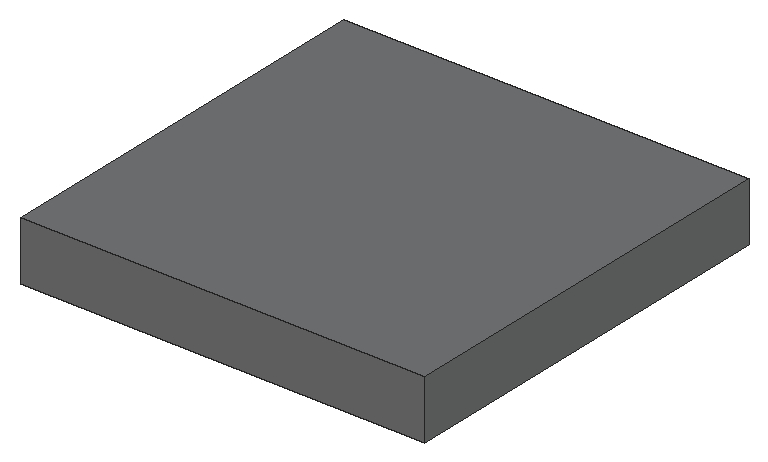
Revit family "Gira_028403", category Electrical Fixtures, host Face, Revit 2017
Family settings
  Host = Face
  Maintain Annotation Orientation = No
  Round Connector Dimension = Use Diameter
  Part Type = Normal
  Cut with Voids When Loaded = No
  Shared = No
  Room Calculation Point = No
Parameters (values of type "Abd. BSF UAE/IAE + Netzwerk System 55 Reinweiß")
  Zusammenstellung = "Zentralplatte"
  Werkstoffgüte = "sonstige"
  Werkstoff = "Kunststoff"
  Verwendung = "UAE/IAE"
  URL = "http://katalog.gira.de/de_DE/datenblatt.html?artikelnr=028403"
  Transparent = "No"
  Tragring = "No"
  Region = "DE"
  RAL-Nummer (ähnlich) = "9010 "
  Oberfläche = "sonstige"
  Name = "Abd. BSF UAE/IAE + Netzwerk System 55 Reinweiß"
  Montageart = "unter Putz"
  Mit Zugentlastung = "No"
  Mit Staubschutz = "No"
  Mit Klappdeckel = "No"
  Mit Aufdruck = "No"
  Manufacturer URL = "https://www.gira.de/"
  Lüsterklemme = "No"
  Keynote = "Sys55_Abdeckung_Schalten und Tasten"
  HeinzeBIM = "https://bimportal.heinze.de/bim/abd-bsf-uae-iae-netzwerk-system-55-reinweiss/f08eacdc3c2a978b2a830b23849f1269a9c77e8f"
  Halogenfrei = "Yes"
  HAN = "028403"
  Geeignet für Schutzart (IP) = "IP20"
  GTIN = "4010337284031"
  Farbe = "weiß"
  Default Elevation = 1219.2 mm
  Data sheet (1) = "https://katalog.gira.de/de_DE/download.html?artikelnr=028403"
  Category = "Einsatz/Abdeckung für Kommunikationstechnik"
  Beschriftungsfeld = "mit Beschriftungsfeld"
  Befestigungsart = "Befestigung mit Schraube"
  Available = "Yes"
  Ausführung der Oberfläche = "glänzend"
  Anthrazit [instance] = Anthrazit
Reference planes
  plane 1 "Center (Front/Back)": y = 0
  plane 2: z = 0
  plane 3 "Center (Left/Right)": x = 0
Forms (mm)
  Extrusion 1, solid, material "Anthrazit" <- "Anthrazit", detail levels fine
    sketch origin (0, 0, 0) x (1, 0, 0) y (0, 1, 0)
      loop
        line (-27.5, 27.5) -> (-27.5, -27.5) -> (27.5, -27.5) -> (27.5, 27.5) -> (-27.5, 27.5)
    from 0 to 8
  Extrusion 2, void
    sketch origin (0, 0, 0) x (1, 0, 0) y (0, 1, 0)
      loop
        line (26, 26) -> (-26, 26) -> (-26, -26) -> (26, -26) -> (26, 26)
    from 0 to 6
  Extrusion 3, solid, material "Anthrazit" <- "Anthrazit", detail levels medium
    sketch origin (0, 0, 0) x (1, 0, 0) y (0, 1, 0)
      loop
        line (-27.5, 27.5) -> (-27.5, -27.5) -> (27.5, -27.5) -> (27.5, 27.5) -> (-27.5, 27.5)
    from 0 to 8
  Extrusion 4, solid, material "Anthrazit" <- "Anthrazit", detail levels medium
    sketch origin (0, 0, 0) x (1, 0, 0) y (0, 1, 0)
      loop
        line (11, -17.5) -> (11, 17.5) -> (-11, 17.5) -> (-11, -17.5) -> (11, -17.5)
    from -6 to 6
  Extrusion 5, solid, material "Anthrazit" <- "Anthrazit", detail levels fine
    sketch origin (0, 0, 0) x (1, 0, 0) y (0, 1, 0)
      loop
        line (11, 17.5) -> (-11, 17.5) -> (-11, 16.5) -> (11, 16.5) -> (11, 17.5)
      loop
        line (-11, -16.5) -> (-11, -17.5) -> (11, -17.5) -> (11, -16.5) -> (-11, -16.5)
    from -4 to 6
  Extrusion 6, solid, material "Anthrazit" <- "Anthrazit", detail levels fine
    sketch origin (0, 0, 0) x (1, 0, 0) y (0, 1, 0)
      loop
        arc (5, 9.347) -> (0, 10.6) -> (-5, 9.347) r 10.6
        line (-5, 9.347) -> (-5, -9.347)
        arc (-5, -9.347) -> (0, -10.6) -> (5, -9.347) r 10.6
        line (5, -9.347) -> (5, 9.347)
    from -6 to 6
  Extrusion 7, solid, material "Anthrazit" <- "Anthrazit", detail levels coarse
    sketch origin (0, 0, 0) x (1, 0, 0) y (0, 1, 0)
      loop
        line (-27.5, 27.5) -> (-27.5, -27.5) -> (27.5, -27.5) -> (27.5, 27.5) -> (-27.5, 27.5)
    from -6 to 8
Cuts and joins
  Extrusion 2 cuts Extrusion 1
Dimensions and locks
  aligned and locked: plane 2 to host face
  aligned and locked: level to host face
